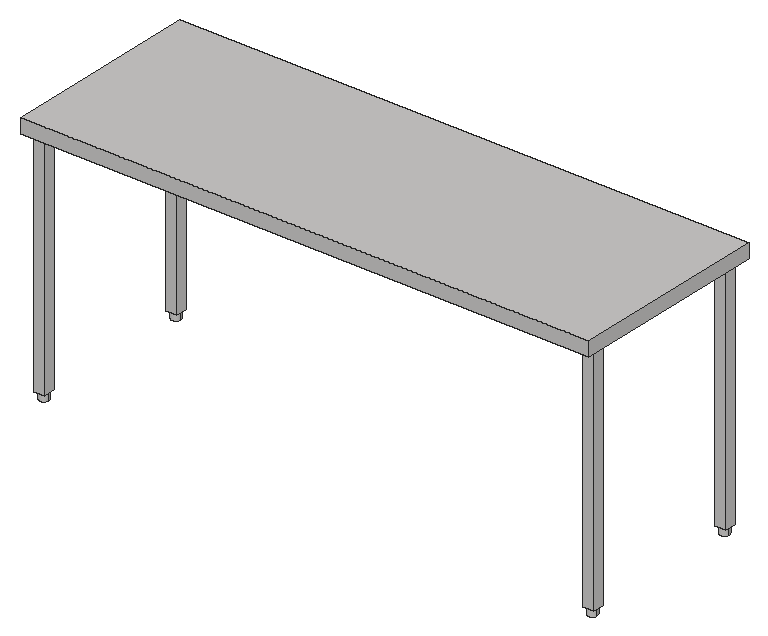
Revit family "QF_ELECTROLUXPROFESSIONAL_132844_WTD2007N", category Attrezzature speciali, Revit 2020
Family settings
  Quota connettore circolare = Usa diametro
  Tipo di parte = Normale
  Basato su piano di lavoro = No
  Sempre verticale = Sì
  Taglio con vuoti quando caricato = No
  Condiviso = No
  Punto di calcolo locali = No
Parameters (values of type "Standard")
  Weight = 63.00 kg
  Watts = 0 W
  Volts = 0 V
  URL Manufacturer = "https://www.electroluxprofessional.com/"
  URL = "https://www.electroluxprofessional.com/"
  Steam Supply Size = 0 mm
  Steam Supply Minimum Pressure = 0.0 Pa
  Steam Supply Maximum Pressure = 0.0 Pa
  Steam Consumption per Hour = 0
  Refrigeration Suction Line Size = 0.0 mm
  Refrigeration Liquid Line Size = 0.0 mm
  Refrigerant Compressor Remote = yes
  Prospetto di default = 0.0 mm
  Produttore = "Electrolux Professional"
  Phase = 0
  Modello = "WTD2007N"
  Length Actual = 2000.0 mm  # constant formula
  Item Number = "132844"
  Hot Water Size = 0 mm
  Height Actual = 900.0 mm  # constant formula
  HP = "0 HP"
  Gas Size = 0 mm
  Gas KW = 0
  Gas Input Pressure = 0 W
  Direct Waste Size = 0 mm
  Descrizione = "WORK TABLE-DISASSEMBLED 2000MM"
  Depth Actual = 700.0 mm  # constant formula
  Cycle = 0 Hz
  Condensate Return Size = 0 mm
  Compressed Air Volume = 0.0 L/s
  Compressed Air Size = 0 mm
  Compressed Air Pressure = 0.0 Pa
  Cold Water Size = 0 mm
  Accessory = yes
Reference planes
  plane 1 "Center (Front/Back)": y = 0
  plane 2: z = 0
  plane 3 "Center (Left/Right)": x = -500
  plane 4 "LEFT": x = -1500
  plane 5 "RIGHT": x = 500
  plane 6 "BACK": y = 350
  plane 7 "FRONT": y = -350
  plane 8 "Base": z = 850
  plane 9 "TOP": z = 900
  plane 10: x = -1464.5
  plane 11: x = 464.5
  plane 12: y = 290
  plane 13: y = -290
Forms (mm)
  Extrusion 1, solid, material "QF_Finishes_Stainless Steel"
    sketch origin (-500, 0, 0) x (0, 1, 0) y (0, 0, 1)
      loop
        line (-350, 850) -> (350, 850) -> (350, 900) -> (-350, 900) -> (-350, 850)
    from 1000 to -1000
Lines and regions (mm)
  symbolic lines
    curve 1: line (500, 350, 900) -> (-1500, 350, 900)
    curve 2: line (-1500, 350, 900) -> (-1500, -350, 900)
    curve 3: line (-1500, -350, 900) -> (500, -350, 900)
    curve 4: line (500, -350, 900) -> (500, 350, 900)
Dimensions and locks
  plane 4 "LEFT" to plane 5 "RIGHT" = 2000.0 mm
  equal spacing: plane 4 "LEFT", plane 3 "Center (Left/Right)", plane 5 "RIGHT"
  locked: plane 8 "Base" to level at 850
  plane 4 "LEFT" to plane 10 = 35.5 mm
  plane 11 to plane 5 "RIGHT" = 35.5 mm
  plane 10 to plane 11 = 1929.0 mm
  locked: plane 9 "TOP" to level at 900
  plane 6 "BACK" to plane 12 = 60.0 mm
  plane 13 to plane 7 "FRONT" = 60.0 mm
  plane 6 "BACK" to plane 7 "FRONT" = 700.0 mm
  plane 12 to plane 13 = 580.0 mm
  equal spacing: plane 6 "BACK", plane 1 "Center (Front/Back)", plane 7 "FRONT"
  aligned and locked: level to plane 2
  aligned and locked: plane 10 to nested 1
  aligned and locked: nested 1 to plane 13
  aligned and locked: plane 11 to nested 2
  aligned and locked: nested 2 to plane 13
  aligned and locked: plane 11 to nested 4
  aligned and locked: nested 4 to plane 12
  aligned and locked: plane 10 to nested 3
  aligned and locked: nested 3 to plane 12
  aligned and locked: Extrusion 1 to plane 4 "LEFT"
  aligned and locked: plane 5 "RIGHT" to Extrusion 1
  aligned and locked: curve 2 to plane 4 "LEFT"
Automatic sketch dimensions
  Extrusion 1 sketch curve to plane 7 "FRONT" = 0.0 mm
  Extrusion 1 sketch curve to plane 8 "Base" = 0.0 mm
  curve 3 to plane 7 "FRONT" = 0.0 mm
  curve 4 to plane 6 "BACK" = 0.0 mm
  Extrusion 1 sketch curve to plane 9 "TOP" = 0.0 mm
  Extrusion 1 sketch curve to plane 6 "BACK" = 0.0 mm
  curve 4 to plane 5 "RIGHT" = 0.0 mm
Nested families
  nested 1: "FEET_40x40" at (-1464.5, -290, 0), type "FEET_40x40"
  nested 2: "FEET_40x40" at (464.5, -290, 0), type "FEET_40x40"
  nested 3: "FEET_40x40" at (-1464.5, 290, 0), type "FEET_40x40"
  nested 4: "FEET_40x40" at (464.5, 290, 0), type "FEET_40x40"
Definition of nested family "FEET_40x40"
  Parameters
    Default Elevation = 0.0 mm
    FEET = 850.0 mm
  Reference planes
    plane 1 "Center (Front/Back)": y = 0
    plane 2: z = 0
    plane 3 "Center (Left/Right)": x = 0
    plane 4: z = 850
  Forms (mm)
    Extrusion 1, solid
      sketch origin (0, 0, 0) x (1, 0, 0) y (0, 1, 0)
        loop
          line (-20, -20) -> (20, -20) -> (20, 20) -> (-20, 20) -> (-20, -20)
      from 25 to 845
    Extrusion 2, solid
      sketch origin (0, 0, 0) x (1, 0, 0) y (0, 1, 0)
        loop
          circle (0, 0) r 16
      from 0 to 25
    Extrusion 3, solid
      sketch origin (0, 0, 0) x (1, 0, 0) y (0, 1, 0)
        loop
          line (30, 30) -> (-30, 30) -> (-30, -30) -> (30, -30) -> (30, 30)
      from 845 to 850
  Lines and regions (mm)
    symbolic lines
      curve 1: line (0, -1.503, 0) -> (0, 1.508, 0)
      curve 2: line (1.561, 0, 0) -> (-1.439, 0, 0)
  Dimensions and locks
    "FEET": plane 4 to plane 2
    aligned and locked: level to plane 2
  Automatic sketch dimensions
    Extrusion 1 sketch curve to plane 3 "Center (Left/Right)" = 20.0 mm
    plane 3 "Center (Left/Right)" to Extrusion 1 sketch curve = 20.0 mm
    plane 1 "Center (Front/Back)" to Extrusion 1 sketch curve = 20.0 mm
    Extrusion 1 sketch curve to plane 1 "Center (Front/Back)" = 20.0 mm
    plane 1 "Center (Front/Back)" to Extrusion 2 sketch curve = 0.0 mm
    Extrusion 2 sketch curve to plane 3 "Center (Left/Right)" = 0.0 mm
    plane 3 "Center (Left/Right)" to Extrusion 3 sketch curve = 30.0 mm
    Extrusion 3 sketch curve to plane 1 "Center (Front/Back)" = 30.0 mm
    Extrusion 3 sketch curve to plane 3 "Center (Left/Right)" = 30.0 mm
    plane 1 "Center (Front/Back)" to Extrusion 3 sketch curve = 30.0 mm
    plane 1 "Center (Front/Back)" to curve 2 = 0.0 mm
    curve 1 to plane 3 "Center (Left/Right)" = 0.0 mm
    curve 2 to plane 3 "Center (Left/Right)" = 1.439 mm
    plane 3 "Center (Left/Right)" to curve 2 = 1.561 mm
    plane 1 "Center (Front/Back)" to curve 1 = 1.503 mm
    curve 1 to plane 1 "Center (Front/Back)" = 1.508 mm
    radius of Extrusion 2 sketch curve = 16.0 mm
